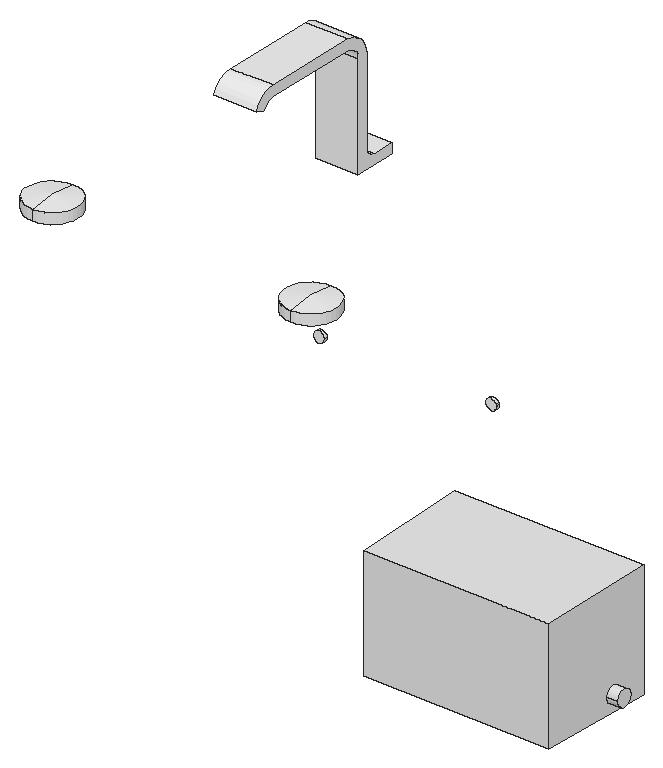
Revit family "Faucet_Contemporary_Neorest-II_TL993SE_TOTO", category Plumbing Fixtures, Revit 2013
Parameters
  ecoScorecard_data = " "
  ecoScorecard Product Page = "  "
  Width = 1.9685"  # constant formula
  Waste Connection = no
  Warranty URL = "http://www.totousa.com/warranty-registration"
  Warranty = "Three Year Limited Warranty"  # constant formula
  WFU = 0
  Voltage = 120 V
  Vent Connection = no
  Toto BIM Number = "BM-00235"  # constant formula
  Subcategory = "Faucets"  # constant formula
  Style = "Contemporary"  # constant formula
  Spec Sheet URL = "http://assets.totousa.com/product-files/SS-00535_TL993SE.pdf"
  Sink Holes Applications = ""
  Shipping Weight = 16.50 lbf
  Series = "Neorest II"  # constant formula
  Sensor Detection Time = ""
  Sensor Detection Range = ""
  Sensor Activation Time = ""
  Product Type = ""
  Product Page URL = " "
  Owners Manual URL = "  "
  Number of Poles = 1
  Mount Type = ""
  Method of Operation = ""
  Manufacturer Toll Free Phone = "1-888-295-8134"  # constant formula
  Manufacturer Phone = "(770) 282-8686 "  # constant formula
  Manufacturer Fax = "(770) 282-0002"  # constant formula
  Manufacturer Email = "mailto:custservice@totousa.com "
  Manufacturer Address = "1155 Southern Road, Morrow, Georgia 30260"  # constant formula
  Installation URL = " "
  Industry Standards = ""
  Hot Water Connection NPT Radius = 1/4"
  Height = 5.90551"  # constant formula
  URL = "http://www.totousa.com"
  Frequency = 60 Hz
  Flow Rate = 1.000 GPM
  Flow Pressure = 0.00 psi
  Finish = Metal - TOTO - Chrome - Polished
  Depth = 7 7/8"  # constant formula
  Default Elevation = 0"
  Model = "TL993SE"  # constant formula
  Manufacturer = "TOTO USA, Inc."  # constant formula
  HWFU = 0
  HW Connection = yes
  Description = "Electronic Deck-Mount Lavatory Faucet"  # constant formula
  Current = 1 A
  Cost Info = "mailto:custservice@totousa.com "
  Color Availability = "#CP Polished Chrome"  # constant formula
  Cold Water Connection NPT Radius = 1/4"
  CWFU = 0
  CW Connection = yes
  CAD Drawing URL = "http://assets.totousa.com/product-files/AD-00344_TL993SE.dxf"
  Assembly Code = "D2010"
  Apparent Power = 96 VA
  ADA Compliant = yes
  95 CSI = "15416"  # constant formula
  04 CSI = "22 41 39"  # constant formula
Reference planes (in)
  plane 1 "Center (Front/Back)": y = 0
  plane 2: z = 0
  plane 3 "Center (Left/Right)": x = 0
  plane 4: z = 0
  plane 5 "Wall Closure": y = 2.98425
  plane 6: z = 5.90551
  plane 7: x = -4
  plane 8: x = 4
  plane 9: x = 5
  plane 10: z = -10.23622
  plane 11: y = 3.10925
  plane 12: y = -6.89075
  plane 13: y = 0.98425
  plane 14: y = -5.79528
  plane 15: y = -0.40157
  plane 16: x = 13.77953
  plane 17: x = 2.83465
  plane 18: z = -12
  plane 19: z = -17.3937
  plane 20: x = -0.98425
  plane 21: x = 0.98425
  plane 22: z = 5.11811
  plane 23: x = 14.27953
Forms (in)
  Extrusion 1, solid, material "Metal - TOTO - Chrome - Polished" <- "Finish"
    sketch origin (0, 0, 0) x (0, 1, 0) y (0, 0, 1)
      loop
        line (0.98425, 0) -> (0.98425, 0.47244) -> (-0.01969, 0.47244)
        arc (-0.01969, 0.47244) -> (-0.36767, 0.61658) -> (-0.51181, 0.96457) r 0.49213
        line (-0.51181, 0.96457) -> (-0.51181, 4.84252)
        arc (-0.51181, 4.84252) -> (-0.82315, 5.59417) -> (-1.5748, 5.90551) r 1.06299
        line (-1.5748, 5.90551) -> (-5.90417, 5.90551)
        arc (-5.90417, 5.90551) -> (-6.49968, 5.72304) -> (-6.89075, 5.23827) r 1.06299
        line (-6.89075, 5.23827) -> (-6.4468, 5.07669)
        arc (-6.4468, 5.07669) -> (-6.22905, 5.336) -> (-5.90466, 5.43307) r 0.59055
        line (-5.90466, 5.43307) -> (-1.5748, 5.43307)
        arc (-1.5748, 5.43307) -> (-1.15722, 5.2601) -> (-0.98425, 4.84252) r 0.59055
        line (-0.98425, 4.84252) -> (-0.98425, 0) -> (0.98425, 0)
    from -0.98425 to 0.98425
  Extrusion 2, solid, material "Metal - TOTO - Chrome - Polished" <- "Finish"
    sketch origin (-22.79028, 2.98425, 45.24409) x (-1, 0, 0) y (0, 0, 1)
      loop
        circle (-18.79028, -55.48031) r 0.25
      loop
        circle (-26.79028, -55.48031) r 0.25
    from 0 to 0.125
  Extrusion 3, solid, material "Plastic - TOTO - White"
    sketch origin (0, 5.31496, -12) x (1, 0, 0) y (0, -1, 0)
      loop
        line (13.77953, 11.11024) -> (5, 11.11024) -> (5, 5.71654) -> (13.77953, 5.71654) -> (13.77953, 11.11024)
    from 0 to 5.3937
  Extrusion 4, solid, material "Plastic - TOTO - White"
    sketch origin (14.27953, 25.01768, 44.06299) x (0, 1, 0) y (0, 0, -1)
      loop
        circle (-27.17122, 60.65748) r 0.37402
    from 0 to 0.56558
  Sweep 5, void
    path origin (-22.79028, 2.98425, 45.24409) x (-1, 0, 0) y (0, 0, 1)
      loop
        line (-27.79028, -57.24409) -> (-36.56981, -57.24409) -> (-36.56981, -62.6378) -> (-27.79028, -62.6378) -> (-27.79028, -57.24409)
    profile origin (9.38976, 2.98425, -12) x (0, 0, -1) y (0, 1, 0)
      loop
        line (0.09843, -8.77953) -> (0, -2.91681) -> (0, -8.77953) -> (0.09843, -8.77953)
Cuts and joins
  Sweep 5 cuts Extrusion 3
Lines and regions (in)
  reference lines
    curve 1: line (-6, -8, 0) -> (-6, -12, 0)
    curve 2: line (-8, -10, 0) -> (-4, -10, 0)
    curve 3: line (6, -8, 0) -> (6, -12, 0)
    curve 4: line (4, -10, 0) -> (8, -10, 0)
Dimensions and locks (in)
  plane 2 to plane 4 = 0"
  locked: plane 7 to plane 8 at 8
  equal spacing: plane 8, plane 3 "Center (Left/Right)", plane 7
  plane 3 "Center (Left/Right)" to plane 9 = 5"
  "Height": plane 4 to plane 6
  locked: plane 2 to plane 10 at 10.23622
  locked: plane 5 "Wall Closure" to plane 11 at 0.125
  locked: Extrusion 2 sketch curve to plane 8 at 0
  locked: Extrusion 2 sketch curve to plane 10 at 0  (x2)
  locked: Extrusion 2 sketch curve to plane 7 at 0
  locked: plane 1 "Center (Front/Back)" to plane 13 at 0.98425
  "Depth": plane 12 to plane 13
  locked: plane 14 to plane 5 "Wall Closure" at 8.77953
  locked: plane 14 to plane 15 at 5.3937
  locked: plane 16 to plane 3 "Center (Left/Right)" at 13.77953
  locked: plane 17 to plane 16 at 10.94488
  plane 2 to plane 18 = 12"
  locked: plane 18 to plane 19 at 5.3937
  "Width": plane 20 to plane 21
  equal spacing: plane 20, plane 3 "Center (Left/Right)", plane 21
  locked: plane 4 to plane 22 at 5.11811
  locked: plane 16 to plane 23 at 0.5
  locked: plane 19 to Extrusion 4 sketch curve at 0.79921
  locked: Extrusion 4 sketch curve to plane 15 at 1.75197
  locked: Extrusion 4 to plane 23 at 0.56558
  locked: Extrusion 4 to plane 16 at 0.06558
  locked: Sweep 5 sketch curve to plane 18 at 0.09843
  locked: plane 15 to Sweep 5 sketch curve at 0.46902
  Extrusion 1 sketch curve to Extrusion 1 sketch curve to Extrusion 1 sketch curve to plane 6 = 0.16158" locked, 0.1948" locked, 0.47244" locked
  Extrusion 1 sketch curve to Extrusion 1 sketch curve to Extrusion 1 sketch curve to Extrusion 1 sketch curve to plane 1 "Center (Front/Back)" = 0.59055" locked, 0.47244" locked, 0.49213" locked, 0.01969" locked
  locked: Extrusion 1 sketch curve to plane 1 "Center (Front/Back)" at 1.5748
  locked: Extrusion 1 sketch curve to plane 6 at 1.06299  (x2)
  plane 4 to Extrusion 1 sketch curve to Extrusion 1 sketch curve = 0.47244" locked, 0.49213" locked
  plane 12 to Extrusion 1 sketch curve to Extrusion 1 sketch curve to Extrusion 1 sketch curve = 0" locked, 0.44395" locked, 0.54214" locked
  plane 5 "Wall Closure" to plane 13 = 2"
  locked: curve 1 to curve 1 at 4
  locked: curve 2 to curve 2 at 4
  locked: curve 4 to curve 4 at 4
  locked: curve 3 to curve 3 at 4
  equal spacing: curve 2, nested 1, curve 2
  equal spacing: curve 1, curve 2, curve 1
  equal spacing: curve 4, curve 3, curve 4
  equal spacing: curve 3, curve 4, curve 3
  curve 2 to plane 1 "Center (Front/Back)" = 10"
  curve 4 to plane 1 "Center (Front/Back)" = 10"
  curve 1 to plane 3 "Center (Left/Right)" = 6"
  plane 3 "Center (Left/Right)" to curve 3 = 6"
  locked: Extrusion 2 sketch curve to Extrusion 2 sketch curve (radius 1/4")  (x2)
  radius of Extrusion 4 sketch curve = 0.37402"
  radius of Extrusion 1 sketch curve = 1.06299"  (x2)
  radius of Extrusion 1 sketch curve = 0.59055"  (x2)
  radius of Extrusion 1 sketch curve = 0.49213"
  aligned and locked: plane 11 to Extrusion 2
  aligned and locked: Extrusion 2 to plane 5 "Wall Closure"
  aligned and locked: plane 16 to Extrusion 3 sketch curve
  aligned and locked: plane 15 to Extrusion 3 sketch curve
  aligned and locked: plane 9 to Extrusion 3 sketch curve
  aligned and locked: plane 14 to Extrusion 3 sketch curve
  aligned and locked: Extrusion 3 to plane 18
  aligned and locked: plane 19 to Extrusion 3
  aligned and locked: Extrusion 1 to plane 20
  aligned and locked: Extrusion 1 to plane 21
  aligned and locked: plane 6 to Extrusion 1 sketch curve
  aligned and locked: Extrusion 1 sketch curve to plane 4
  aligned and locked: plane 13 to Extrusion 1 sketch curve
  aligned and locked: Extrusion 4 to plane 23
  aligned: plane 16 to Extrusion 4
  aligned and locked: Sweep 5 sketch curve to Extrusion 3  (x4)
  aligned and locked: plane 18 to Sweep 5 sketch curve
  aligned and locked: plane 14 to Sweep 5 sketch curve
  aligned and locked: curve 1 to nested 1
  aligned and locked: curve 2 to nested 1
  aligned and locked: curve 3 to nested 2
  aligned and locked: curve 4 to nested 2
Automatic sketch dimensions
  curve 1 to curve 2 = 2"
Nested families (in)
  nested 1: "Faucet Handle" at (-6, -10, 0) x (0, -1, 0) z (0, 0, 1), type "Faucet Handle"
  nested 2: "Faucet Handle" at (6, -10, 0) x (0, -1, 0) z (0, 0, 1), type "Faucet Handle"
Connectors (in)
  piping at (-4, 3.10925, -10.23622), driven by "Hot Water Connection NPT Radius"
    settings: on Extrusion 2, index 1, connector radius 1/4", flow factor 0, pipe flow 0.000 GPM, pressure drop 0.00 psi, fitting loss kfactor 0, connector angle 0.00°, fixture units 0, engagement length 0", flow configuration 3, flow direction 1, fitting loss method 4, system type 19, joint type 0, gender type 0, connector reference index -1, connector utility 0, adjustable connector no, is connector primary yes, fitting loss table "", connector description "Hot Water Inlet Connection"
  piping at (4, 3.10925, -10.23622), driven by "Cold Water Connection NPT Radius"
    settings: on Extrusion 2, index 2, connector radius 1/4", flow factor 0, pipe flow 0.000 GPM, pressure drop 0.00 psi, fitting loss kfactor 0, connector angle 0.00°, fixture units 0, engagement length 0", flow configuration 3, flow direction 1, fitting loss method 4, system type 20, joint type 0, gender type 0, connector reference index -1, connector utility 0, adjustable connector no, is connector primary no, fitting loss table "", connector description "Cold Water Inlet Connection"
Definition of nested family "Faucet Handle"
  Parameters (values of type "Lavatory_Faucet-TOTO-Neorest-Handle-TL993SE")
    Finish = Metal - TOTO - Chrome - Polished
  Reference planes (in)
    plane 1 "Center (Front/Back)": y = 0
    plane 2: z = 0
    plane 3 "Center (Left/Right)": x = 0
    plane 4: z = 0.59055
    plane 5: z = 0.70866
    plane 6: z = 0.11811
  Forms (in)
    Extrusion 1, solid, material "Metal - TOTO - Chrome - Polished" <- "Finish"
      sketch origin (0, 0, 0) x (1, 0, 0) y (0, 1, 0)
        loop
          circle (0, 0) r 0.98425
      from 0 to 0.11811
    Extrusion 2, solid, material "Metal - TOTO - Chrome - Polished"
      sketch origin (-24.18742, -180, 0.11811) x (-1, 0, 0) y (0, -1, 0)
        loop
          circle (-24.18742, -180) r 1.1811
      from 0 to 0.59055
    Revolve 3, void
      sketch origin (0, 0, 0) x (1, 0, 0) y (0, 0, 1)
        loop
          arc (0, 0.70866) -> (0.5935, 0.67906) -> (1.1811, 0.59055) r 5.96457
          line (1.1811, 0.59055) -> (1.1811, 0.85618) -> (0, 0.85618) -> (0, 0.70866)
        axis (0, 0.59055) -> (0, 0.85618)
      angle from 0 to 360
  Cuts and joins
    Revolve 3 cuts Extrusion 2
  Dimensions and locks (in)
    locked: plane 4 to plane 2 at 0.59055
    locked: plane 5 to plane 2 at 0.70866
    locked: plane 6 to plane 2 at 0.11811
    locked: plane 1 "Center (Front/Back)" to Extrusion 1 sketch curve at 0
    locked: plane 3 "Center (Left/Right)" to Extrusion 1 sketch curve at 0
    locked: plane 1 "Center (Front/Back)" to Extrusion 2 sketch curve at 0
    locked: plane 3 "Center (Left/Right)" to Extrusion 2 sketch curve at 0
    locked: Revolve 3 sketch curve to plane 2 at 0.85618
    radius of Extrusion 1 sketch curve = 0.98425"
    radius of Extrusion 2 sketch curve = 1.1811"
    aligned and locked: plane 6 to Extrusion 1
    aligned and locked: Extrusion 1 to plane 2
    aligned and locked: Extrusion 2 to plane 6
    aligned and locked: plane 5 to Extrusion 2
    aligned and locked: plane 3 "Center (Left/Right)" to Revolve 3 sketch curve  (x2)
